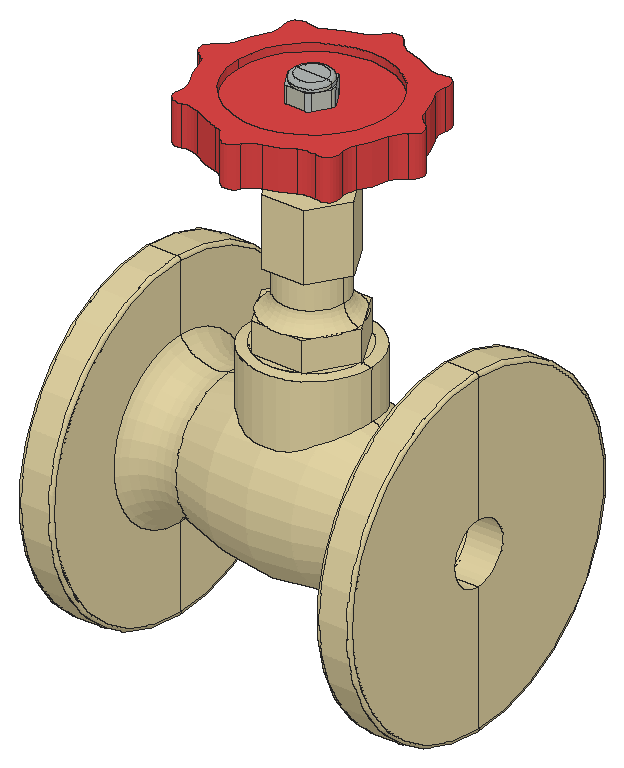
Revit family "DA04120000", category Apparecchi idraulici, Revit 2020
Family settings
  Quota connettore circolare = Usa diametro
  Tipo di parte = Normale
  Numero OmniClass = 23.45.00.00
  Titolo OmniClass = Sanitary, Laundry, and Cleaning Equipment
  Basato su piano di lavoro = No
  Sempre verticale = Sì
  Taglio con vuoti quando caricato = No
  Condiviso = No
  Punto di calcolo locali = No
Parameters
  URL = "https://web.cimberio.com/index.php/figura/679?subcategoria_id="
  Temperatura di esercizio = "-10 ÷ 170°C"
  Prospetto di default = 0 mm
  Produttore = "CIMBERIO SPA"
  Pressione nominale = "PN 16"
  Modello = "Cim 76PN6"
  Materiale = "Prodotto in lega di ottone conforme alla norma EN 12165-CW617N-DW"
  Descrizione = "Utilizzato nei più svariati settori dell’impiantistica ed in ogni applicazione industriale ed agricola dove è richiesta una regolazione: impianti di riscaldamento, idrici, igienico sanitari, aria compressa, reti di distribuzione vapore saturo, olii, benzine, petrolio ed altri idrocarburi e in generale con ogni fluido non corrosivo"
  DN Model [instance] = DA04123110 : DA04123110
  DN [instance] = 16 mm
  Commenti sul tipo = "Realizzato in ottemperanza ai requisiti gestionali della norma EN ISO 9001.\r\nCollaudato al 100% secondo la normativa EN 12266-1"
Reference planes
  plane 1 "Centro (Fronte/Retro)": y = 0
  plane 2: z = 0
  plane 3 "Centro (Sinistra/Destra)": x = 0
Dimensions and locks
  aligned and locked: level to plane 2
Nested families
  nested 1: "DA04123110" at (0, 0, 0), type <- "DN Model", type "DA04123110"
  nested 2: "DA04123110" at (0, 0, 0), type <- "DN Model", type "DA04123110"
  nested 3: "DA04123110" at (0, 0, 0), type <- "DN Model", type "DA04123110"
  nested 4: "DA04123110" at (0, 0, 0), type <- "DN Model", type "DA04123110"
  nested 5: "DA04123110" at (0, 0, 0), type <- "DN Model", type "DA04123110"
  nested 6: "DA04123110" at (0, 0, 0), type <- "DN Model", type "DA04123110"
  nested 7: "DA04123110" at (0, 0, 0), type <- "DN Model", type "DA04123110"
  nested 8: "DA04123110" at (0, 0, 0), type <- "DN Model", type "DA04123110"
  nested 9: "DA04123110" at (0, 0, 0), type <- "DN Model", type "DA04123110"
Connectors
  piping at (41.407, 0, 0), diameter 16, driven by "DN"
    settings: on nested 2, index 1, connector inside diameter 609.6 mm, connector length 0 mm, flow factor 0, pipe flow 0.0 L/s, pressure drop 0.0 Pa, fitting loss kfactor 0, connector angle 0.00°, fixture units 0, engagement length 0 mm, angle of deflection 0.00°, flow configuration 0, flow direction 0, fitting loss method 0, system type 7, joint type 0, gender type 0, connector reference index -1, connector utility 0, adjustable connector no, is connector primary yes, connector description ""
  piping at (-41.232, 0, 0), diameter 16, driven by "DN"
    settings: on nested 1, index 2, connector inside diameter 609.6 mm, connector length 0 mm, flow factor 0, pipe flow 0.0 L/s, pressure drop 0.0 Pa, fitting loss kfactor 0, connector angle 0.00°, fixture units 0, engagement length 0 mm, angle of deflection 0.00°, flow configuration 0, flow direction 0, fitting loss method 0, system type 7, joint type 0, gender type 0, connector reference index -1, connector utility 0, adjustable connector no, is connector primary no, connector description ""
Definition of nested family "DA04123110"
  Parameters (values of type "DA04123110")
    Default Elevation = 0 mm
  Reference planes
    plane 1 "Centro (Fronte/Retro)": y = 0
    plane 2: z = 0
    plane 3 "Centro (Sinistra/Destra)": x = 0
  Forms (mm)
    Revolve 1, solid
      sketch origin (0, 0, 0) x (1, 0, 0) y (0, 0, 1)
        loop
          line (33.343, -7.5) -> (-32.983, -7.5) -> (-32.983, -19.288)
          arc (-32.983, -19.288) -> (-27.734, -14.585) -> (-20.687, -14.614) r 9.811
          arc (-20.687, -14.614) -> (0, -18.5) -> (20.687, -14.614) r 57
          arc (20.687, -14.614) -> (28.136, -14.748) -> (33.343, -20.077) r 9.811
          line (33.343, -20.077) -> (33.343, -7.5)
        axis (-32.983, 2) -> (33.343, 2)
      angle from 0 to 360
    Revolve 2, solid
      sketch origin (0, 0, 0) x (1, 0, 0) y (0, 0, 1)
        loop
          line (-15, 4.172) -> (0, 4.172) -> (0, 32.573) -> (-12.5, 32.573) -> (-15, 32.132) -> (-15, 4.172)
        axis (0, 32.573) -> (0, 4.172)
      angle from 0 to 360
    Extrusion 3, solid
      sketch origin (0, 0, 0) x (0, -1, 0) y (1, 0, 0)
        loop
          line (0, 12.5) -> (-10.825, 6.25) -> (-10.825, -6.25) -> (0, -12.5) -> (10.825, -6.25) -> (10.825, 6.25) -> (0, 12.5)
      from 32.132 to 39.804
    Revolve 4, solid
      sketch origin (0, 0, 3.5) x (1, 0, 0) y (0, 0, 1)
        loop
          line (0, 47.5) -> (-7.95, 47.5) -> (-8.019, 40.572)
          arc (-8.019, 40.572) -> (-9.032, 37.961) -> (-11.29, 36.304) r 5
          line (-11.29, 36.304) -> (0, 36.304) -> (0, 47.5)
        axis (0, 47.5) -> (0, 36.304)
      angle from 0 to 360
    Extrusion 5, solid
      sketch origin (0, 0, 0) x (0, -1, 0) y (1, 0, 0)
        loop
          line (0, -10.4) -> (9.007, -5.2) -> (9.007, 5.2) -> (0, 10.4) -> (-9.007, 5.2) -> (-9.007, -5.2) -> (0, -10.4)
      from 51 to 67.5
    Revolve 6, solid
      sketch origin (0, 0, 12.019) x (1, 0, 0) y (0, 0, 1)
        loop
          line (-8.5, 67) -> (-8.5, 65.001)
          arc (-8.5, 65.001) -> (-8.353, 64.647) -> (-7.999, 64.5) r 0.501
          line (-7.999, 64.5) -> (-4, 64.5) -> (-4, 52.626) -> (0, 52.626) -> (0, 67) -> (-8.5, 67)
        axis (0, 67) -> (0, 52.626)
      angle from 0 to 360
    Extrusion 7, solid
      sketch origin (0, 0, 9.019) x (0.98263, 0.185575, 0) y (-0.185575, 0.98263, 0)
        loop
          spline (-12.624, 22.54) -> (-13.213, 22.77) -> (-13.791, 22.909) -> (-14.346, 22.954) -> (-14.868, 22.904) -> (-15.347, 22.761) -> (-15.773, 22.527) -> (-16.139, 22.206) -> (-16.438, 21.805) -> (-16.663, 21.332) -> (-16.81, 20.794) -> (-16.877, 20.204) -> (-16.863, 19.572)
          arc (-16.863, 19.572) -> (-17.081, 17.552) -> (-18.08, 15.783) r 5.029
          arc (-18.08, 15.783) -> (-20.241, 12.895) -> (-21.945, 9.716) r 24
          arc (-21.945, 9.716) -> (-23.126, 8.063) -> (-24.865, 7.011) r 5.029
          spline (-24.865, 7.011) -> (-25.444, 6.757) -> (-25.951, 6.447) -> (-26.375, 6.086) -> (-26.709, 5.682) -> (-26.946, 5.242) -> (-27.082, 4.775) -> (-27.114, 4.29) -> (-27.042, 3.795) -> (-26.866, 3.301) -> (-26.591, 2.817) -> (-26.221, 2.352) -> (-25.763, 1.916)
          arc (-25.763, 1.916) -> (-24.489, 0.333) -> (-23.945, -1.624) r 5.029
          arc (-23.945, -1.624) -> (-23.431, -5.195) -> (-22.388, -8.648) r 24
          arc (-22.388, -8.648) -> (-22.054, -10.652) -> (-22.54, -12.624) r 5.029
          spline (-22.54, -12.624) -> (-22.77, -13.213) -> (-22.909, -13.791) -> (-22.954, -14.346) -> (-22.904, -14.868) -> (-22.761, -15.347) -> (-22.527, -15.773) -> (-22.206, -16.139) -> (-21.805, -16.438) -> (-21.332, -16.663) -> (-20.794, -16.81) -> (-20.204, -16.877) -> (-19.572, -16.863)
          arc (-19.572, -16.863) -> (-17.552, -17.081) -> (-15.783, -18.08) r 5.029
          arc (-15.783, -18.08) -> (-12.895, -20.241) -> (-9.716, -21.945) r 24
          arc (-9.716, -21.945) -> (-8.081, -23.106) -> (-7.03, -24.813) r 5.029
          spline (-7.03, -24.813) -> (-6.779, -25.402) -> (-6.471, -25.918) -> (-6.111, -26.351) -> (-5.706, -26.693) -> (-5.265, -26.937) -> (-4.795, -27.079) -> (-4.307, -27.115) -> (-3.809, -27.045) -> (-3.312, -26.871) -> (-2.824, -26.595) -> (-2.356, -26.223) -> (-1.916, -25.763)
          arc (-1.916, -25.763) -> (-0.333, -24.489) -> (1.624, -23.945) r 5.029
          arc (1.624, -23.945) -> (5.195, -23.431) -> (8.648, -22.388) r 24
          arc (8.648, -22.388) -> (10.624, -22.053) -> (12.575, -22.516) r 5.029
          spline (12.575, -22.516) -> (13.172, -22.757) -> (13.759, -22.903) -> (14.323, -22.954) -> (14.854, -22.907) -> (15.341, -22.764) -> (15.773, -22.527) -> (16.144, -22.201) -> (16.445, -21.793) -> (16.671, -21.31) -> (16.816, -20.763) -> (16.879, -20.161) -> (16.858, -19.518)
          arc (16.858, -19.518) -> (17.089, -17.526) -> (18.08, -15.783) r 5.029
          arc (18.08, -15.783) -> (20.241, -12.895) -> (21.945, -9.716) r 24
          arc (21.945, -9.716) -> (23.106, -8.081) -> (24.813, -7.03) r 5.029
          spline (24.813, -7.03) -> (25.406, -6.777) -> (25.924, -6.466) -> (26.359, -6.103) -> (26.701, -5.694) -> (26.944, -5.249) -> (27.082, -4.775) -> (27.114, -4.283) -> (27.038, -3.781) -> (26.856, -3.281) -> (26.572, -2.791) -> (26.191, -2.321) -> (25.721, -1.881)
          arc (25.721, -1.881) -> (24.477, -0.309) -> (23.945, 1.624) r 5.029
          arc (23.945, 1.624) -> (23.431, 5.195) -> (22.388, 8.648) r 24
          arc (22.388, 8.648) -> (22.053, 10.624) -> (22.516, 12.575) r 5.029
          spline (22.516, 12.575) -> (22.757, 13.172) -> (22.903, 13.759) -> (22.954, 14.323) -> (22.907, 14.854) -> (22.764, 15.341) -> (22.527, 15.773) -> (22.201, 16.144) -> (21.793, 16.445) -> (21.31, 16.671) -> (20.763, 16.816) -> (20.161, 16.879) -> (19.518, 16.858)
          arc (19.518, 16.858) -> (17.526, 17.089) -> (15.783, 18.08) r 5.029
          arc (15.783, 18.08) -> (12.895, 20.241) -> (9.716, 21.945) r 24
          arc (9.716, 21.945) -> (8.063, 23.126) -> (7.011, 24.865) r 5.029
          spline (7.011, 24.865) -> (6.755, 25.448) -> (6.442, 25.957) -> (6.078, 26.383) -> (5.67, 26.717) -> (5.227, 26.953) -> (4.755, 27.086) -> (4.266, 27.113) -> (3.768, 27.035) -> (3.271, 26.852) -> (2.784, 26.568) -> (2.318, 26.188) -> (1.881, 25.721)
          arc (1.881, 25.721) -> (0.309, 24.477) -> (-1.624, 23.945) r 5.029
          arc (-1.624, 23.945) -> (-5.195, 23.431) -> (-8.648, 22.388) r 24
          arc (-8.648, 22.388) -> (-10.652, 22.054) -> (-12.624, 22.54) r 5.029
      from 70 to 79.915
    Extrusion 8, void
      sketch origin (0, 0, 9.019) x (1, 0, 0) y (0, 1, 0)
        loop
          circle (0, 0) r 18.5
      from 78 to 80.921
    Extrusion 9, solid
      sketch origin (0.001, 0, 9.019) x (0.934965, 0.354741, 0) y (-0.354741, 0.934965, 0)
        loop
          line (-1.377, 5.329) -> (-4.94, 2.419)
          arc (-4.94, 2.419) -> (-5.249, 1.991) -> (-5.302, 1.465) r 1.021
          line (-5.302, 1.465) -> (-4.565, -3.074)
          arc (-4.565, -3.074) -> (-4.349, -3.551) -> (-3.924, -3.858) r 1.012
          line (-3.924, -3.858) -> (0.37, -5.486)
          arc (0.37, -5.486) -> (0.9, -5.54) -> (1.387, -5.321) r 1.03
          line (1.387, -5.321) -> (4.931, -2.427)
          arc (4.931, -2.427) -> (5.246, -1.989) -> (5.3, -1.452) r 1.042
          line (5.3, -1.452) -> (4.567, 3.058)
          arc (4.567, 3.058) -> (4.346, 3.549) -> (3.909, 3.863) r 1.04
          line (3.909, 3.863) -> (-0.382, 5.491)
          arc (-0.382, 5.491) -> (-0.901, 5.543) -> (-1.377, 5.329) r 1.007
      from 78 to 82
    Revolve 10, solid
      sketch origin (0, 0, 8.525) x (1, 0, 0) y (0, 0, 1)
        loop
          line (0, 83.994) -> (0, 81.954) -> (4.75, 81.954) -> (4.75, 82.994)
          arc (4.75, 82.994) -> (4.457, 83.701) -> (3.75, 83.994) r 1
          line (3.75, 83.994) -> (0, 83.994)
        axis (0, 83.994) -> (0, 81.954)
      angle from 0 to 360
    Revolve 11, solid
      sketch origin (-6.732, 0, 0) x (1, 0, 0) y (0, 0, 1)
        loop
          line (-34.5, 39.192) -> (-34.5, 7.5) -> (-26, 7.5) -> (-26, 39.165)
          arc (-26, 39.165) -> (-26.244, 39.756) -> (-26.835, 40) r 0.835
          line (-26.835, 40) -> (-33.692, 40)
          arc (-33.692, 40) -> (-34.263, 39.763) -> (-34.5, 39.192) r 0.808
        axis (-34.5, 0) -> (-26, 0)
      angle from 0 to 360
    Revolve 12, solid
      sketch origin (6.907, 0, 0) x (-1, 0, 0) y (0, 0, 1)
        loop
          line (-34.5, 39.192) -> (-34.5, 7.5) -> (-26, 7.5) -> (-26, 39.165)
          arc (-26, 39.165) -> (-26.244, 39.756) -> (-26.835, 40) r 0.835
          line (-26.835, 40) -> (-33.692, 40)
          arc (-33.692, 40) -> (-34.263, 39.763) -> (-34.5, 39.192) r 0.808
        axis (-34.5, 0) -> (-26, 0)
      angle from 0 to 360
  Cuts and joins
    Extrusion 8 cuts Extrusion 7
  Dimensions and locks
    aligned and locked: level to plane 2
